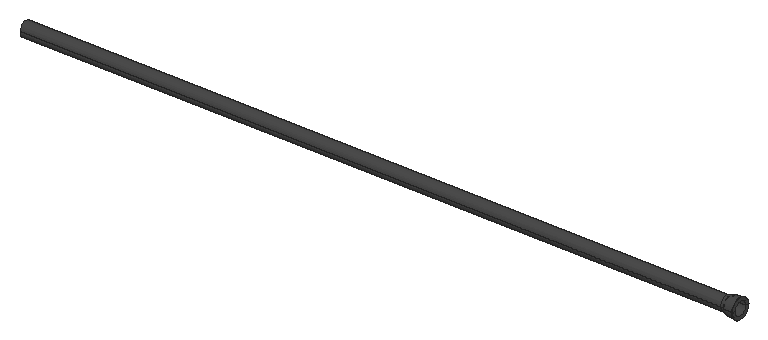
Revit family "FOFO_Tubo_PB", category Pipe Fittings, Revit 2025
Family settings
  Round Connector Dimension = Use Radius
  Part Type = Union
  OmniClass Number = 23.60.30.11.14
  OmniClass Title = Pipework Fittings
  Work Plane-Based = No
  Always vertical = Yes
  Cut with Voids When Loaded = No
  Shared = Yes
Parameters (values of type "TU_PB_0100")
  Loss Method = K Coefficient from Table
  K Coefficient Table = "Tee"
  built-in parameter 1114238 [instance] = (empty or 0)
  Default Elevation = 0.0 mm
  Corpo_L = 6000.0 mm
  Corpo_E = 6.0 mm
  Bolsa_RI = Bolsa_DI * 0.5  # 60.5 mm
  Bolsa_RE = Bolsa_DE * 0.5  # 59.0 mm
  Bolsa_RB = Bolsa_B * 0.5  # 83.45 mm
  Bolsa_P = 94.5 mm
  Bolsa_DI = 121.0 mm
  Bolsa_DE = 118.0 mm
  Bolsa_Borde3 = Bolsa_Borde1 * 0.5  # 2.5 mm
  Bolsa_Borde2 = Bolsa_Borde1 * 1.5  # 7.5 mm
  Bolsa_Borde1 = 5.0 mm
  Bolsa_B = 166.9 mm
Types (5, lengths in mm): name | Corpo_E | Bolsa_RI | Bolsa_RE | Bolsa_RB | Bolsa_P | Bolsa_DI | Bolsa_DE | Bolsa_B
  (no name) | 6.0 | 60.5 | 59.0 | 83.45 | 94.5 | 121.0 | 118.0 | 166.9
  TU_PB_0100 | 6.0 | 60.5 | 59.0 | 83.45 | 94.5 | 121.0 | 118.0 | 166.9
  TU_PB_0080 | 6.0 | 50.5 | 49.0 | 72.05 | 92.5 | 101.0 | 98.0 | 144.1
  TU_PB_0150 | 6.0 | 86.5 | 85.0 | 110.4 | 100.5 | 173.0 | 170.0 | 220.8
  TU_PB_1200 | 15.3 | 629.0 | 627.5 | 706.0 | 105.5 | 1258.0 | 1255.0 | 1412.0
Reference planes
  plane 1 "EixoP": y = 0
  plane 2: z = 0
  plane 3 "EixoS": x = 2618.25
  plane 4 "ED": x = 5618.25
  plane 5 "JJ": x = -381.75
Forms (mm)
  Sweep 1, solid
    path origin (0, 0, 0) x (1, 0, 0) y (0, 1, 0)
      loop
        line (-381.75, 0) -> (5618.25, 0)
    profile origin (2618.25, 0, 0) x (0, 1, 0) y (0, 0, 1)
      loop
        circle (0, 0) r 59
  Revolve 2, solid
    sketch origin (0, 0, 0) x (1, 0, 0) y (0, 1, 0)
      loop
        line (5712.75, 60.5) -> (5712.75, 83.45) -> (5707.75, 83.45) -> (5705.25, 80.95)
        arc (5705.25, 80.95) -> (5648.355, 74.488) -> (5593.229, 59) r 356.513
        line (5593.229, 59) -> (5618.25, 59) -> (5618.25, 60.5) -> (5712.75, 60.5)
      axis (5593.229, 0) -> (5712.75, 0)
    angle from 0 to 360
Cuts and joins
  joined: Sweep 1, Revolve 2
Lines and regions (mm)
  model lines, detail levels coarse
    curve 1: line (5618.25, 0, 0) -> (-381.75, 0, 0)
Dimensions and locks
  equal spacing: plane 5 "JJ", plane 3 "EixoS", plane 4 "ED"
  "Corpo_L": plane 5 "JJ" to plane 4 "ED"
  "Bolsa_RE": plane 1 "EixoP" to Revolve 2 sketch curve
  "Bolsa_Borde1": Revolve 2 sketch curve to Revolve 2 sketch curve
  "Bolsa_RI": plane 1 "EixoP" to Revolve 2 sketch curve
  "Bolsa_RB": Revolve 2 sketch curve to plane 1 "EixoP"
  "Bolsa_P": Revolve 2 sketch curve to Revolve 2 sketch curve
  "Bolsa_Borde3": Revolve 2 sketch curve to Revolve 2 sketch curve
  "Bolsa_RE": radius of Sweep 1 sketch curve
  aligned and locked: plane 1 "EixoP" to Sweep 1 sketch curve
  aligned and locked: plane 4 "ED" to Sweep 1 sketch curve
  aligned and locked: plane 5 "JJ" to Sweep 1 sketch curve
  aligned and locked: Sweep 1 to Revolve 2 sketch curve
Automatic sketch dimensions
  plane 1 "EixoP" to curve 1 = 0.0 mm
  curve 1 to plane 5 "JJ" = 0.0 mm
  curve 1 to plane 4 "ED" = 0.0 mm
  Sweep 1 sketch curve to level = 0.0 mm
  Sweep 1 sketch curve to profile plane = 0.0 mm
  Revolve 2 sketch curve to plane 4 "ED" = 0.0 mm
  plane 1 "EixoP" to Revolve 2 sketch curve = 0.0 mm
  Revolve 2 sketch curve to Revolve 2 sketch curve = 25.021 mm
  Revolve 2 sketch curve to Revolve 2 sketch curve = 2.5 mm
  plane 4 "ED" to Revolve 2 sketch curve = 98.659 mm
  Revolve 2 sketch curve to Revolve 2 sketch curve = 16.0 mm
